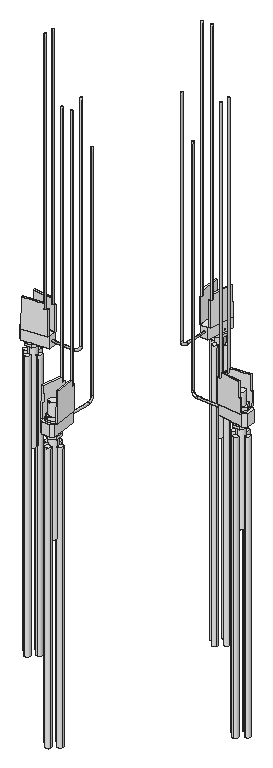
Revit family "91a1c922ce8a4756a1c3c73410385ab3", category Structural Connections, host Face, Revit 2021
Family settings
  Host = Face
  Material for Model Behavior = Other
  Enable cutting in views = No
  Cut with Voids When Loaded = Yes
  Shared = No
Parameters (values of type "HCC M52-2290S")
  l = 4' - 9.08661"
  h [instance] = Column Diameter * sin(45.00°)  # 4' - 7.6777"
  f = 0' - 9.44882"
  b [instance] = Column Diameter * sin(45.00°)  # 4' - 7.6777"
  a = 0' - 2.75591"
  X = 0' - 1.37795"
  Type Comments = "Mountingpart"
  T = 0' - 2.75591"
  Phi = 0' - 2.75591"
  L [instance] = 4' - 11.05512"
  K = 0' - 11.02362"
  E = 0' - 2.3622"
  Default Elevation = 0' - 0"
  D = 1' - 2.40945"
  Column Shoe Type = Column Shoe and Anchor Bolt : HCC M52-2290S
  Column Shoe Material [instance] = Metal - Steel - S235
  Column Diameter [instance] = 6' - 6.74016"
  C = 0' - 9.13386"
Types (10): name | l | h | f | b | a | X | T | Phi | K | D | Column Shoe Type | Column Diameter | C
  HCC 39-1450H | 2' - 11.43307" | 2' - 3.83885" | 0' - 6.49606" | 2' - 3.83885" | 0' - 1.9685" | 0' - 1.45669" | 0' - 1.77165" | 0' - 2.16535" | 0' - 7.67717" | 0' - 9.64567" | Column Shoe and Anchor Bolt : HCC 39-1450H | 3' - 3.37008" | 0' - 6.1811"
  HCC 39-1450S | 2' - 11.43307" | 4' - 7.6777" | 0' - 6.49606" | 4' - 7.6777" | 0' - 1.9685" | 0' - 1.45669" | 0' - 1.77165" | 0' - 2.16535" | 0' - 7.67717" | 0' - 9.64567" | Column Shoe and Anchor Bolt : HCC 39-1450S | 6' - 6.74016" | 0' - 6.1811"
  HCC M36-1650H | 3' - 3.37008" | 4' - 7.6777" | 0' - 6.49606" | 4' - 7.6777" | 0' - 2.16535" | 0' - 1.45669" | 0' - 1.9685" | 0' - 2.16535" | 0' - 7.67717" | 0' - 9.64567" | Column Shoe and Anchor Bolt : HCC M36-1650H | 6' - 6.74016" | 0' - 6.1811"
  HCC M36-1650S | 3' - 3.37008" | 4' - 7.6777" | 0' - 6.49606" | 4' - 7.6777" | 0' - 2.16535" | 0' - 1.45669" | 0' - 1.9685" | 0' - 2.16535" | 0' - 7.67717" | 0' - 9.64567" | Column Shoe and Anchor Bolt : HCC M36-1650S | 6' - 6.74016" | 0' - 6.1811"
  HCC M39-1650H | 3' - 3.37008" | 4' - 7.6777" | 0' - 7.28346" | 4' - 7.6777" | 0' - 2.16535" | 0' - 1.45669" | 0' - 2.16535" | 0' - 2.16535" | 0' - 8.22835" | 0' - 10.51181" | Column Shoe and Anchor Bolt : HCC M39-1650H | 6' - 6.74016" | 0' - 6.77165"
  HCC M39-1650S | 3' - 3.37008" | 4' - 7.6777" | 0' - 7.28346" | 4' - 7.6777" | 0' - 2.16535" | 0' - 1.45669" | 0' - 2.16535" | 0' - 2.16535" | 0' - 8.22835" | 0' - 10.51181" | Column Shoe and Anchor Bolt : HCC M39-1650S | 6' - 6.74016" | 0' - 6.77165"
  HCC M45-2070H | 4' - 9.48031" | 4' - 7.6777" | 0' - 7.67717" | 4' - 7.6777" | 0' - 2.55906" | 0' - 1.45669" | 0' - 2.3622" | 0' - 2.55906" | 0' - 9.68504" | 1' - 0.48031" | Column Shoe and Anchor Bolt : HCC M45-2070H | 6' - 6.74016" | 0' - 8.14961"
  HCC M45-2070S | 4' - 9.48031" | 4' - 7.6777" | 0' - 7.67717" | 4' - 7.6777" | 0' - 2.55906" | 0' - 1.45669" | 0' - 2.3622" | 0' - 2.55906" | 0' - 9.68504" | 1' - 0.48031" | Column Shoe and Anchor Bolt : HCC M45-2070S | 6' - 6.74016" | 0' - 8.14961"
  HCC M52-2290H | 4' - 9.08661" | 4' - 7.6777" | 0' - 9.44882" | 4' - 7.6777" | 0' - 2.75591" | 0' - 1.37795" | 0' - 2.75591" | 0' - 2.75591" | 0' - 11.02362" | 1' - 2.40945" | Column Shoe and Anchor Bolt : HCC M52-2290H | 6' - 6.74016" | 0' - 9.13386"
  HCC M52-2290S | 4' - 9.08661" | 4' - 7.6777" | 0' - 9.44882" | 4' - 7.6777" | 0' - 2.75591" | 0' - 1.37795" | 0' - 2.75591" | 0' - 2.75591" | 0' - 11.02362" | 1' - 2.40945" | Column Shoe and Anchor Bolt : HCC M52-2290S | 6' - 6.74016" | 0' - 9.13386"
Reference planes (in)
  plane 1 "Center (Front/Back)": y = 0
  plane 2: z = 0
  plane 3 "Center (Left/Right)": x = 0
  plane 4: y = 27.83885
  plane 5: y = -27.83885
  plane 6: x = -27.83885
  plane 7: x = 27.83885
Dimensions and locks (in)
  equal spacing: plane 4, plane 1 "Center (Front/Back)", plane 5
  "h": plane 4 to plane 5
  equal spacing: plane 6, plane 3 "Center (Left/Right)", plane 7
  "b": plane 6 to plane 7
  aligned and locked: plane 2 to host face
  aligned and locked: level to host face
  aligned and locked: nested 7 to plane 3 "Center (Left/Right)"
  aligned and locked: nested 7 to plane 5
  aligned and locked: nested 3 to plane 1 "Center (Front/Back)"
  aligned and locked: plane 6 to nested 3
  aligned and locked: plane 3 "Center (Left/Right)" to nested 1
  aligned and locked: nested 1 to plane 4
  aligned and locked: plane 1 "Center (Front/Back)" to nested 5
  aligned and locked: plane 7 to nested 5
Automatic sketch dimensions
  host sketch curve to host sketch curve = 8' - 0"  (x2)
Nested families (in)
  nested 1: "Column Shoe and Anchor Bolt" at (0, 13.62625, 0), type <- "Column Shoe Type", Column Shoe Material <- "Column Shoe Material", L <- "L", type "HCC M52-2290S"
    with L 4' - 11.05512", Column Shoe Material Metal - Steel - S235, Phi 0' - 2.75591", Semi Phi 0' - 1.37795", y2 0' - 6.45861", y1 0' - 0.69597", x3 0' - 1.82257", x2 0' - 3.34066", x1 0' - 1.94872", f 0' - 9.44882", a 0' - 2.75591", X 0' - 1.37795", l 4' - 9.08661", k1 0' - 10.7388", d 1' - 2.2126", T 0' - 2.75591", Real K 0' - 10.93565", e1 0' - 2.3663", K 0' - 11.02362", E 0' - 2.3622", D 1' - 2.40945", C 0' - 9.13386", B2 0' - 5.90551", B 0' - 7.08661"
  nested 2: "HAB M" at (0, 25.47255, 2.75591), type "HAB MS52"
    with l2 5' - 5.74803", l 6' - 3.19685", f1 0' - 3.93701", f 0' - 9.44882", r3 0' - 1.02362", r1 0' - 0.62992", d3 0' - 2.04724", d1 0' - 1.25984", a 0' - 2.75591", Washers Radius 0' - 1.65354", T 0' - 2.75591", Splice Length 1' - 8.47244", O2 0' - 2.86402", O1 0' - 0.82677", Phi 0' - 2.75591", Offset1 0' - 1.65354", Nut Width 0' - 2.86402", Cap no, Cap Radius 0' - 1.13386", 4 Fold with Cap no
  nested 3: "Column Shoe and Anchor Bolt" at (-13.62625, 0, 0) x (0, 1, 0) z (0, 0, 1), type <- "Column Shoe Type", Column Shoe Material <- "Column Shoe Material", L <- "L", type "HCC M52-2290S"
    with L 4' - 11.05512", Column Shoe Material Metal - Steel - S235, Phi 0' - 2.75591", Semi Phi 0' - 1.37795", y2 0' - 6.45861", y1 0' - 0.69597", x3 0' - 1.82257", x2 0' - 3.34066", x1 0' - 1.94872", f 0' - 9.44882", a 0' - 2.75591", X 0' - 1.37795", l 4' - 9.08661", k1 0' - 10.7388", d 1' - 2.2126", T 0' - 2.75591", Real K 0' - 10.93565", e1 0' - 2.3663", K 0' - 11.02362", E 0' - 2.3622", D 1' - 2.40945", C 0' - 9.13386", B2 0' - 5.90551", B 0' - 7.08661"
  nested 4: "HAB M" at (-25.47255, 0, 2.75591) x (0, 1, 0) z (0, 0, 1), type "HAB MS52"
    with l2 5' - 5.74803", l 6' - 3.19685", f1 0' - 3.93701", f 0' - 9.44882", r3 0' - 1.02362", r1 0' - 0.62992", d3 0' - 2.04724", d1 0' - 1.25984", a 0' - 2.75591", Washers Radius 0' - 1.65354", T 0' - 2.75591", Splice Length 1' - 8.47244", O2 0' - 2.86402", O1 0' - 0.82677", Phi 0' - 2.75591", Offset1 0' - 1.65354", Nut Width 0' - 2.86402", Cap no, Cap Radius 0' - 1.13386", 4 Fold with Cap no
  nested 5: "Column Shoe and Anchor Bolt" at (13.62625, 0, 0) x (0, -1, 0) z (0, 0, 1), type <- "Column Shoe Type", Column Shoe Material <- "Column Shoe Material", L <- "L", type "HCC M52-2290S"
    with L 4' - 11.05512", Column Shoe Material Metal - Steel - S235, Phi 0' - 2.75591", Semi Phi 0' - 1.37795", y2 0' - 6.45861", y1 0' - 0.69597", x3 0' - 1.82257", x2 0' - 3.34066", x1 0' - 1.94872", f 0' - 9.44882", a 0' - 2.75591", X 0' - 1.37795", l 4' - 9.08661", k1 0' - 10.7388", d 1' - 2.2126", T 0' - 2.75591", Real K 0' - 10.93565", e1 0' - 2.3663", K 0' - 11.02362", E 0' - 2.3622", D 1' - 2.40945", C 0' - 9.13386", B2 0' - 5.90551", B 0' - 7.08661"
  nested 6: "HAB M" at (25.47255, 0, 2.75591) x (0, -1, 0) z (0, 0, 1), type "HAB MS52"
    with l2 5' - 5.74803", l 6' - 3.19685", f1 0' - 3.93701", f 0' - 9.44882", r3 0' - 1.02362", r1 0' - 0.62992", d3 0' - 2.04724", d1 0' - 1.25984", a 0' - 2.75591", Washers Radius 0' - 1.65354", T 0' - 2.75591", Splice Length 1' - 8.47244", O2 0' - 2.86402", O1 0' - 0.82677", Phi 0' - 2.75591", Offset1 0' - 1.65354", Nut Width 0' - 2.86402", Cap no, Cap Radius 0' - 1.13386", 4 Fold with Cap no
  nested 7: "Column Shoe and Anchor Bolt" at (0, -13.62625, 0) x (-1, 0, 0) z (0, 0, 1), type <- "Column Shoe Type", Column Shoe Material <- "Column Shoe Material", L <- "L", type "HCC M52-2290S"
    with L 4' - 11.05512", Column Shoe Material Metal - Steel - S235, Phi 0' - 2.75591", Semi Phi 0' - 1.37795", y2 0' - 6.45861", y1 0' - 0.69597", x3 0' - 1.82257", x2 0' - 3.34066", x1 0' - 1.94872", f 0' - 9.44882", a 0' - 2.75591", X 0' - 1.37795", l 4' - 9.08661", k1 0' - 10.7388", d 1' - 2.2126", T 0' - 2.75591", Real K 0' - 10.93565", e1 0' - 2.3663", K 0' - 11.02362", E 0' - 2.3622", D 1' - 2.40945", C 0' - 9.13386", B2 0' - 5.90551", B 0' - 7.08661"
  nested 8: "HAB M" at (0, -25.47255, 2.75591) x (-1, 0, 0) z (0, 0, 1), type "HAB MS52"
    with l2 5' - 5.74803", l 6' - 3.19685", f1 0' - 3.93701", f 0' - 9.44882", r3 0' - 1.02362", r1 0' - 0.62992", d3 0' - 2.04724", d1 0' - 1.25984", a 0' - 2.75591", Washers Radius 0' - 1.65354", T 0' - 2.75591", Splice Length 1' - 8.47244", O2 0' - 2.86402", O1 0' - 0.82677", Phi 0' - 2.75591", Offset1 0' - 1.65354", Nut Width 0' - 2.86402", Cap no, Cap Radius 0' - 1.13386", 4 Fold with Cap no
Definition of nested family "Column Shoe and Anchor Bolt"
  Parameters
    Type Comments = "Mountingpart"
    Phi = 0' - 1.06299"
    Semi Phi = 0.5 * Phi  # 0' - 0.5315"
    y2 = C * sin(45.00°)  # 0' - 2.44982"
    y1 = (E - X) * sin(45.00°)  # 0' - 0.55678"
    x3 = E * (2 * sin(45.00°) - C / d)  # 0' - 1.46153"
    x2 = 2 * E * sin(45.00°)  # 0' - 2.78388"
    x1 = 2 * X * sin(45.00°)  # 0' - 1.67033"
    t1 = 0' - 0.3937"
    f = 0' - 4.13386"
    a = 0' - 1.9685"
    X = 0' - 1.1811"
    l = 0' - 11.81102"
    k1 = d * sin(45.00°) + 0.5 * X  # 0' - 4.23744"
    d = D - R1  # 0' - 5.15748"
    T = 0' - 0.59055"
    O3 = 0' - 0.59055"
    O4 = 0' - 0.7874"
    O2 = 0' - 0.19685"
    O1 = 0' - 0.3937"
    L [instance] = 4' - 11.05512"
    Real K = R1 + k1  # 0' - 4.43429"
    e1 = (2 * E - X) * sin(45.00°)  # 0' - 1.94872"
    K = 0' - 4.40945"
    E = 0' - 1.9685"
    Default Elevation = 0' - 0"
    Semi dbr = 7 * R2  # 0' - 1.37795"
    D = 0' - 5.35433"
    Column Shoe Material [instance] = none
    C = 0' - 3.46457"
    R2 = 0' - 0.19685"
    R1 = 0' - 0.19685"
    Bolt Type = HAB : HAB H16
    B2 = B - 0' 1.1811"  # 0' - 2.16535"
    B = 0' - 3.34646"
  Reference planes (in)
    plane 1 "Center (Front/Back)": y = 0
    plane 2: z = 0
    plane 3 "Center (Left/Right)": x = 0
    plane 4: z = 0.59055
    plane 5: z = 0.29528
    plane 6: z = 11.81102
    plane 7: z = 3.93701
    plane 8: z = 2.75591
    plane 9: y = 5.15748
    plane 10: x = -1.39194
    plane 11: x = 1.39194
    plane 12: y = 4.6007
    plane 13: y = 2.15088
    plane 14: x = -0.83517
    plane 15: x = 0.83517
    plane 16: x = -0.73077
    plane 17: x = 0.73077
    plane 18: y = 3.20876
    plane 19: y = 2.93829
    plane 20: z = 62.99213
  Forms (in)
    Extrusion 1, solid
      sketch origin (0, 0, 0) x (1, 0, 0) y (0, 1, 0)
        loop
          line (-48, 48) -> (-48, -48) -> (48, -48) -> (48, 48) -> (-48, 48)
      from 0 to -12
    Sweep 2, solid, material <- "Column Shoe Material"
      path in 3D
        loop
          line (0, 0, 11.81102) -> (0, 0, 1.67323)
          arc (0, 0, 1.67323) -> (0, 0.40359, 0.69887) -> (0, 1.37795, 0.29528) r 1.37795
          line (0, 1.37795, 0.29528) -> (0, 2.81506, 0.29528)
      profile origin (0, 0.40359, 0.69887) x (0, 0.707107, 0.707107) y (1, 0, 0)
        loop
          circle (0, 0) r 0.19685
    Extrusion 3, void
      sketch origin (-0.03635, 4.65317, 0) x (1, 0, 0) y (0, 1, 0)
        loop
          circle (0.03635, -1.44441) r 0.5315
      from 0 to 3.93701
    Blend 4, solid, material <- "Column Shoe Material"
      base sketch origin (-0.18342, 0.17505, 0) x (-1, 0, 0) y (0, -1, 0)
        loop
          line (-1.47277, -4.04555) -> (-0.96547, -2.16589) -> (-1.34557, -2.0633) -> (-1.85287, -3.94297) -> (-1.47277, -4.04555)
      top sketch origin (-0.18342, 0.17505, 0) x (-1, 0, 0) y (0, -1, 0)
        loop
          line (-1.42148, -3.8555) -> (-0.96547, -2.16589) -> (-1.34557, -2.0633) -> (-1.80158, -3.75292) -> (-1.42148, -3.8555)
      from 0.59055 to 3.93701
    Extrusion 5, solid, material <- "Column Shoe Material"
      sketch origin (1.96539, -0.28862, 0) x (1, 0, 0) y (0, 1, 0)
        loop
          circle (-3.11256, 3.22691) r 0.19685
        loop
          circle (-0.81822, 3.22691) r 0.19685
      from 2.75591 to 62.99213
    Extrusion 6, void
      sketch origin (0, -1.92772, 0) x (0, -1, 0) y (0, 0, 1)
        loop
          line (-4.07861, 3.93701) -> (-4.86601, 3.93701) -> (-4.86601, 2.75591) -> (-4.07861, 2.75591) -> (-4.07861, 3.93701)
      from -1.39194 to 1.39194
    Extrusion 7, solid, material <- "Column Shoe Material"
      sketch origin (0, 0, 0) x (1, 0, 0) y (0, 1, 0)
        loop
          line (0.83517, 5.15748) -> (-0.83517, 5.15748) -> (-1.39194, 4.6007) -> (-0.73077, 2.15088) -> (0.73077, 2.15088) -> (1.39194, 4.6007) -> (0.83517, 5.15748)
        loop
          circle (0, 3.20876) r 0.5315
      from 0 to 0.59055
    Blend 8, solid, material <- "Column Shoe Material"
      base sketch origin (0.18342, 0.17505, 0) x (1, 0, 0) y (0, 1, 0)
        loop
          line (-1.47277, 4.04555) -> (-1.85287, 3.94297) -> (-1.34557, 2.0633) -> (-0.96547, 2.16589) -> (-1.47277, 4.04555)
      top sketch origin (0.18342, 0.17505, 0) x (1, 0, 0) y (0, 1, 0)
        loop
          line (-1.42148, 3.8555) -> (-1.80158, 3.75292) -> (-1.34557, 2.0633) -> (-0.96547, 2.16589) -> (-1.42148, 3.8555)
      from 0.59055 to 3.93701
  Cuts and joins
    Extrusion 3, Extrusion 6 cuts Sweep 2
    joined: Sweep 2, Extrusion 7
    Extrusion 6 cuts Blend 4
    Extrusion 6 cuts Blend 8
  Lines and regions (in)
    reference lines
      curve 1: line (0, 3.24836, 0.29528) -> (0, 1.37795, 0.29528)
      curve 2: line (0, 0, 1.67323) -> (0, 0, 11.81102)
      curve 3: arc (0, 0, 1.67323) -> (0, 0.40359, 0.69887) -> (0, 1.37795, 0.29528) r 1.37795
      curve 7: line (0.73077, 2.15088, 0) -> (1.39194, 4.6007, 0)
      curve 8: line (-0.73077, 2.15088, 0) -> (-1.39194, 4.6007, 0)
    sketch lines
      curve 4: arc (0, 0, 1.67323) -> (0, 0.40359, 0.69887) -> (0, 1.37795, 0.29528) r 1.37795
      curve 5: line (0, 2.81506, 0.29528) -> (0, 1.37795, 0.29528)
      curve 6: line (0, 0, 1.67323) -> (0, 0, 11.81102)
  Dimensions and locks (in)
    "T": plane 4 to level
    "l": plane 6 to plane 2
    equal spacing: plane 4, plane 5, plane 2
    "B": plane 7 to plane 4
    "B2": plane 4 to plane 8
    equal spacing: plane 16, plane 3 "Center (Left/Right)", plane 17
    equal spacing: plane 14, plane 3 "Center (Left/Right)", plane 15
    equal spacing: plane 10, plane 3 "Center (Left/Right)", plane 11
    "x2": plane 10 to plane 11
    "x1": plane 14 to plane 15
    "x3": plane 16 to plane 17
    "y1": plane 9 to plane 12
    "y2": plane 12 to plane 13
    "d": plane 9 to plane 1 "Center (Front/Back)"
    "e1": plane 9 to plane 18
    "t1": Blend 4 sketch curve to Blend 4 sketch curve  (x2)
    "O2": Extrusion 7 to Blend 4 sketch curve
    "O1": Blend 4 sketch curve to curve 7
    "O2": curve 7 to Blend 4 sketch curve
    "O4": plane 13 to plane 19
    equal spacing: cut or joined group of Blend 4, Extrusion 6, Extrusion 5 sketch curve, Extrusion 7
    "O3": Blend 4 sketch curve to curve 7
    "t1": Blend 8 sketch curve to Blend 8 sketch curve  (x2)
    "O1": curve 8 to Blend 8 sketch curve
    "O2": Blend 8 sketch curve to curve 8  (x2)
    "O3": curve 8 to Blend 8 sketch curve
    equal spacing: Blend 8, Extrusion 5 sketch curve, Blend 8
    "L": plane 20 to plane 7
    "Semi dbr": radius of curve 3
    "R1": radius of Sweep 2 sketch curve
    "R2": radius of Extrusion 5 sketch curve  (x2)
    "Semi Phi": radius of Extrusion 7 sketch curve
    locked: Extrusion 7 to Blend 4 sketch curve (angle 90.00°)
    aligned and locked: plane 2 to Extrusion 1
    aligned and locked: level to Extrusion 1
    aligned and locked: curve 1 to plane 5
    aligned and locked: plane 1 "Center (Front/Back)" to curve 2
    aligned and locked: plane 6 to curve 2
    aligned and locked: Extrusion 3 to Extrusion 1
    aligned and locked: Blend 4 to plane 4
    aligned and locked: plane 8 to Extrusion 5
    aligned and locked: Extrusion 6 sketch curve to Blend 4
    aligned and locked: Extrusion 3 sketch curve to Extrusion 7
    aligned and locked: plane 4 to Extrusion 7
    aligned and locked: Extrusion 7 sketch curve to plane 9
    aligned and locked: plane 3 "Center (Left/Right)" to Extrusion 7 sketch curve
    aligned and locked: plane 12 to Extrusion 7 sketch curve  (x2)
    aligned and locked: plane 18 to Extrusion 7 sketch curve
    aligned and locked: plane 15 to Extrusion 7 sketch curve
    aligned and locked: plane 9 to Extrusion 7 sketch curve
    aligned and locked: plane 13 to Extrusion 7 sketch curve
    aligned and locked: plane 17 to Extrusion 7 sketch curve
    aligned and locked: plane 14 to Extrusion 7 sketch curve
    aligned and locked: plane 10 to Extrusion 7 sketch curve
    aligned and locked: plane 16 to Extrusion 7 sketch curve
    aligned and locked: plane 12 to curve 7
    aligned and locked: plane 11 to curve 7
    aligned and locked: plane 17 to curve 7
    aligned and locked: plane 13 to curve 7
    aligned and locked: plane 12 to curve 8
    aligned and locked: plane 10 to curve 8
    aligned and locked: plane 16 to curve 8
    aligned and locked: plane 13 to curve 8
    aligned and locked: Blend 4 sketch curve to curve 7
    aligned and locked: var sketch to Blend 4 sketch curve
    aligned and locked: plane 19 to Extrusion 5 sketch curve  (x2)
    aligned and locked: var sketch to Blend 8 sketch curve
    aligned and locked: Extrusion 7 to Blend 8 sketch curve
    aligned and locked: Extrusion 6 to plane 19
    aligned and locked: Extrusion 6 to Extrusion 7
    aligned and locked: plane 7 to Extrusion 3
    aligned and locked: plane 7 to Blend 4
    aligned and locked: plane 7 to Blend 8
    aligned and locked: Blend 8 to plane 4
    aligned and locked: plane 20 to Extrusion 5
    aligned and locked: Extrusion 6 to plane 11
    aligned and locked: Extrusion 6 to plane 10
    aligned and locked: plane 3 "Center (Left/Right)" to nested 1
    aligned and locked: nested 1 to plane 18
  Automatic sketch dimensions
    Extrusion 1 sketch curve to Extrusion 1 sketch curve = 8' - 0"  (x2)
    plane 18 to curve 1 = 0' - 0.03959"
    Sweep 2 sketch curve to profile plane = 0' - 0"  (x2)
    plane 8 to Extrusion 6 sketch curve = 0' - 0"
    Extrusion 6 sketch curve to plane 13 = 0' - 0.7874"
    Extrusion 6 sketch curve to plane 1 "Center (Front/Back)" = 0' - 2.15088"
    Extrusion 7 sketch curve to plane 11 = 0' - 0"
  Nested families (in)
    nested 1: "HAB" at (0, 3.20876, 0.59055), type <- "Bolt Type", type "HAB H16"
      with Anchor Bolt Material none, l2 0' - 6.88976", l 0' - 11.02362", f1 0' - 1.5748", f 0' - 4.13386", r3 0' - 0.31496", r1 0' - 0.31496", d3 0' - 0.62992", d1 0' - 0.62992", Washers Radius 0' - 0.6378", T 0' - 0.59055", Phi 0' - 1.06299", Nut Width 0' - 1.10469", Cap Radius 0' - 0.56693"
  Definition of nested family "HAB"
    Parameters
      l2 = 0' - 9.25197"
      l = 1' - 1.77953"
      f1 = f - a - T  # 0' - 1.77165"
      f = 0' - 4.52756"
      r3 = 0.5 * d3  # 0' - 0.3937"
      r1 = 0.5 * d1  # 0' - 0.3937"
      d3 = 0' - 0.7874"
      d1 = 0' - 0.7874"
      a = 0' - 1.9685"
      Washers Thickness = 0' - 0.19685"
      Washers Radius = 0.5 * Phi * 1.2  # 0' - 0.70866"
      Type Comments = "Mountingpart"
      T = 0' - 0.7874"
      Phi = 0' - 1.1811"
      Nut Width = 2 * Washers Radius * cos(30.00°)  # 0' - 1.22744"
      Nut Thickness = 0' - 0.7874"
      Cap = yes
      Anchor Bolt Material [instance] = none
      Default Elevation = 0' - 0"
      Cap Thickness = Nut Thickness  # 0' - 0.7874"
      Cap Radius = d1 * 0.9  # 0' - 0.70866"
    Reference planes (in)
      plane 1 "Center (Front/Back)": y = 0
      plane 2: z = 0
      plane 3 "Center (Left/Right)": x = 0
      plane 4: z = 0.19685
      plane 5: z = -0.7874
      plane 6: z = -0.98425
      plane 7: z = 0.98425
      plane 8: z = -1.77165
      plane 9: y = 0.35433
      plane 10: y = -0.35433
      plane 11: y = 0.70866
      plane 12: y = -0.70866
      plane 13: z = 1.77165
      plane 14: z = -12.00787
      plane 15: z = -11.22047
      plane 16: z = -2.75591
      plane 17: z = -11.61417
      plane 18: x = -0.61372
      plane 19: x = 0.61372
    Forms (in)
      Extrusion 1, solid
        sketch origin (0, 0, 0) x (1, 0, 0) y (0, 1, 0)
          loop
            line (-48, 48) -> (-48, -48) -> (48, -48) -> (48, 48) -> (-48, 48)
        from 0 to -6.78513
      Extrusion 2, solid, material <- "Anchor Bolt Material"
        sketch origin (0, 0, 0) x (1, 0, 0) y (0, 1, 0)
          loop
            circle (0, 0) r 0.3937
        from -2.75591 to 1.77165
      Extrusion 3, solid, material <- "Anchor Bolt Material"
        sketch origin (0, 0, 0) x (1, 0, 0) y (0, 1, 0)
          loop
            circle (0, 0) r 0.70866
        from 0 to 0.19685
      Extrusion 4, solid, material <- "Anchor Bolt Material"
        sketch origin (0, 0, -14.37008) x (1, 0, 0) y (0, 1, 0)
          loop
            circle (0, 0) r 0.70866
        from 13.38583 to 13.58268
      Extrusion 5, solid, material <- "Anchor Bolt Material"
        sketch origin (0, 0, 0) x (1, 0, 0) y (0, 1, 0)
          loop
            line (0, 0.70866) -> (-0.61372, 0.35433) -> (-0.61372, -0.35433) -> (0, -0.70866) -> (0.61372, -0.35433) -> (0.61372, 0.35433) -> (0, 0.70866)
        from 0.19685 to 0.98425
      Extrusion 6, solid, material <- "Anchor Bolt Material"
        sketch origin (0, 0, -15.74803) x (1, 0, 0) y (0, 1, 0)
          loop
            line (-0.61372, 0.35433) -> (-0.61372, -0.35433) -> (0, -0.70866) -> (0.61372, -0.35433) -> (0.61372, 0.35433) -> (0, 0.70866) -> (-0.61372, 0.35433)
        from 13.97638 to 14.76378
      Extrusion 7, solid, material <- "Anchor Bolt Material"
        sketch origin (0, 0, -2.96548) x (1, 0, 0) y (0, 1, 0)
          loop
            circle (0, 0) r 0.3937
        from -9.04239 to 0.20957
      Blend 8, solid, material <- "Anchor Bolt Material", visible <- "Cap"
        base sketch origin (-1.67336, -180, -11.22047) x (-1, 0, 0) y (0, -1, 0)
          loop
            circle (-1.67336, -180) r 0.3937
        top sketch origin (-1.67336, -180, -11.22047) x (-1, 0, 0) y (0, -1, 0)
          loop
            circle (-1.67336, -180) r 0.70866
        from 0 to -0.3937
      Extrusion 9, solid, material <- "Anchor Bolt Material", visible <- "Cap"
        sketch origin (-1.41732, -180, -12.00787) x (-1, 0, 0) y (0, -1, 0)
          loop
            circle (-1.41732, -180) r 0.70866
        from 0 to 0.3937
    Cuts and joins
      joined: Extrusion 2, Extrusion 3, Extrusion 4, Extrusion 5, Extrusion 6, Extrusion 7
      joined: Blend 8, Extrusion 9
    Dimensions and locks (in)
      "T": plane 2 to plane 5
      "Washers Thickness": plane 5 to plane 6
      "Washers Thickness": plane 4 to level
      "Nut Thickness": plane 7 to plane 4
      "Nut Thickness": plane 6 to plane 8
      "Washers Radius": plane 1 "Center (Front/Back)" to plane 11
      "Washers Radius": plane 12 to plane 1 "Center (Front/Back)"
      equal spacing: plane 9, plane 1 "Center (Front/Back)", plane 10
      "Washers Radius": plane 9 to plane 10
      "l": plane 13 to plane 14
      "Cap Thickness": plane 15 to plane 14
      "l2": plane 16 to plane 14
      "f1": plane 13 to plane 2
      equal spacing: plane 15, plane 17, plane 14
      equal spacing: plane 18, plane 3 "Center (Left/Right)", plane 19
      "Nut Width": plane 18 to plane 19
      "r3": radius of Extrusion 2 sketch curve
      "Washers Radius": radius of Extrusion 3 sketch curve
      "Washers Radius": radius of Extrusion 4 sketch curve
      "r1": radius of Extrusion 7 sketch curve
      "r1": radius of Blend 8 sketch curve
      "Cap Radius": radius of Blend 8 sketch curve
      "Cap Radius": radius of Extrusion 9 sketch curve
      aligned and locked: plane 2 to Extrusion 1
      aligned and locked: level to Extrusion 1
      aligned and locked: plane 1 "Center (Front/Back)" to Extrusion 2 sketch curve
      aligned and locked: plane 3 "Center (Left/Right)" to Extrusion 2 sketch curve
      aligned and locked: plane 1 "Center (Front/Back)" to Extrusion 3 sketch curve
      aligned and locked: plane 3 "Center (Left/Right)" to Extrusion 3 sketch curve
      aligned and locked: plane 4 to Extrusion 3
      aligned and locked: Extrusion 3 to level
      aligned and locked: plane 5 to Extrusion 4
      aligned and locked: Extrusion 4 to plane 6
      aligned and locked: plane 1 "Center (Front/Back)" to Extrusion 4 sketch curve
      aligned and locked: plane 3 "Center (Left/Right)" to Extrusion 4 sketch curve
      aligned and locked: plane 7 to Extrusion 5
      aligned and locked: Extrusion 5 to plane 4
      aligned and locked: plane 11 to Extrusion 5 sketch curve
      aligned and locked: plane 3 "Center (Left/Right)" to Extrusion 5 sketch curve  (x2)
      aligned and locked: plane 12 to Extrusion 5 sketch curve
      aligned and locked: plane 10 to Extrusion 5 sketch curve  (x2)
      aligned and locked: plane 6 to Extrusion 6
      aligned and locked: Extrusion 6 to plane 8
      aligned and locked: plane 13 to Extrusion 2
      aligned: Extrusion 2 to plane 14
      aligned and locked: plane 10 to Extrusion 6 sketch curve  (x2)
      aligned and locked: Extrusion 2 to plane 16
      aligned: Extrusion 7 to plane 15
      aligned and locked: plane 1 "Center (Front/Back)" to Blend 8 sketch curve  (x2)
      aligned and locked: plane 3 "Center (Left/Right)" to Blend 8 sketch curve  (x2)
      aligned and locked: Blend 8 to plane 17
      aligned and locked: plane 15 to Blend 8
      aligned and locked: plane 1 "Center (Front/Back)" to Extrusion 9 sketch curve
      aligned and locked: plane 3 "Center (Left/Right)" to Extrusion 9 sketch curve
      aligned and locked: plane 17 to Extrusion 9
      aligned and locked: plane 18 to Extrusion 5 sketch curve
      aligned and locked: Extrusion 5 sketch curve to plane 19
      aligned and locked: plane 9 to Extrusion 5 sketch curve  (x2)
      aligned and locked: plane 19 to Extrusion 6 sketch curve
      aligned and locked: plane 18 to Extrusion 6 sketch curve
      aligned and locked: plane 9 to Extrusion 6 sketch curve  (x2)
      aligned and locked: plane 11 to Extrusion 6 sketch curve
      aligned and locked: plane 3 "Center (Left/Right)" to Extrusion 6 sketch curve  (x2)
      aligned and locked: plane 12 to Extrusion 6 sketch curve
      aligned and locked: Extrusion 7 to plane 14
      aligned and locked: plane 16 to Extrusion 7
    Automatic sketch dimensions
      Extrusion 1 sketch curve to Extrusion 1 sketch curve = 8' - 0"  (x2)
      plane 1 "Center (Front/Back)" to Extrusion 7 sketch curve = 0' - 0"
      Extrusion 7 sketch curve to plane 3 "Center (Left/Right)" = 0' - 0"
Definition of nested family "HAB M"
  Parameters
    l2 = 1' - 10.6378"
    l = 2' - 5.72441"
    f1 = f - a - T  # 0' - 2.75591"
    f = 0' - 6.49606"
    r3 = 0.5 * d3  # 0' - 0.70866"
    r1 = 0.5 * d1  # 0' - 0.3937"
    d3 = 0' - 1.41732"
    d1 = 0' - 0.7874"
    a = 0' - 1.9685"
    Washers Thickness = 0' - 0.19685"
    Washers Radius = 0.5 * Phi * 1.2  # 0' - 1.06299"
    Type Comments = "Mountingpart"
    T = 0' - 1.77165"
    Splice Length = 10 * d3  # 1' - 2.17323"
    O2 = 2 * Offset1 * (sin(60.00°))  # 0' - 1.90935"
    O1 = 0.5 * Offset1  # 0' - 0.55118"
    Phi = 0' - 1.77165"
    Offset1 = r1 + r3  # 0' - 1.10236"
    Nut Width = 2 * Washers Radius * cos(30.00°)  # 0' - 1.84116"
    Nut Thickness = 0' - 0.7874"
    Cap = yes
    Anchor Bolt Material [instance] = none
    Default Elevation = 0' - 0"
    Cap Thickness = Nut Thickness  # 0' - 0.7874"
    Cap Radius = 0.9 * d1  # 0' - 0.70866"
    4 Fold with Cap = and(Cap, [4 Fold])  # yes
    4 Fold = yes
    3 Fold With Cap = and(Cap, [3 Fold])  # no
    3 Fold = no
  Reference planes (in)
    plane 1 "Center (Front/Back)": y = 0
    plane 2: z = 0
    plane 3 "Center (Left/Right)": x = 0
    plane 4: z = 0.19685
    plane 5: z = -1.77165
    plane 6: z = -1.9685
    plane 7: z = 0.98425
    plane 8: z = -2.75591
    plane 9: y = 0.5315
    plane 10: y = -0.5315
    plane 11: y = 1.06299
    plane 12: y = -1.06299
    plane 13: z = 2.75591
    plane 14: z = -26.9685
    plane 15: z = -26.1811
    plane 16: z = -4.33071
    plane 17: z = -26.5748
    plane 18: x = -0.92058
    plane 19: x = 0.92058
    plane 20: z = -18.50394
    plane 21: y = -0.55118
    plane 22: x = -0.95467
    plane 23: x = 0.95467
  Forms (in)
    Extrusion 1, solid
      sketch origin (0, 0, 0) x (1, 0, 0) y (0, 1, 0)
        loop
          line (-48, 48) -> (-48, -48) -> (48, -48) -> (48, 48) -> (-48, 48)
      from 0 to -6.78513
    Extrusion 2, solid, material <- "Anchor Bolt Material"
      sketch origin (0, 0, 0) x (1, 0, 0) y (0, 1, 0)
        loop
          circle (0, 0) r 0.70866
      from -18.50394 to 2.75591
    Extrusion 3, solid, material <- "Anchor Bolt Material"
      sketch origin (0, 0, 0) x (1, 0, 0) y (0, 1, 0)
        loop
          circle (0, 0) r 1.06299
      from 0 to 0.19685
    Extrusion 4, solid, material <- "Anchor Bolt Material"
      sketch origin (0, 0, -14.37008) x (1, 0, 0) y (0, 1, 0)
        loop
          circle (0, 0) r 1.06299
      from 12.40157 to 12.59843
    Extrusion 5, solid, material <- "Anchor Bolt Material"
      sketch origin (0, 0, 0) x (1, 0, 0) y (0, 1, 0)
        loop
          line (0, 1.06299) -> (-0.92058, 0.5315) -> (-0.92058, -0.5315) -> (0, -1.06299) -> (0.92058, -0.5315) -> (0.92058, 0.5315) -> (0, 1.06299)
      from 0.19685 to 0.98425
    Extrusion 6, solid, material <- "Anchor Bolt Material"
      sketch origin (0, 0, -15.74803) x (1, 0, 0) y (0, 1, 0)
        loop
          line (-0.92058, 0.5315) -> (-0.92058, -0.5315) -> (0, -1.06299) -> (0.92058, -0.5315) -> (0.92058, 0.5315) -> (0, 1.06299) -> (-0.92058, 0.5315)
      from 12.99213 to 13.77953
    Extrusion 7, solid, material <- "Anchor Bolt Material", visible <- "4 Fold"
      sketch origin (0, 0, -2.96548) x (1, 0, 0) y (0, 1, 0)
        loop
          circle (1.10236, 0) r 0.3937
        loop
          circle (-1.10236, 0) r 0.3937
        loop
          circle (0, -1.10236) r 0.3937
        loop
          circle (0, 1.10236) r 0.3937
      from -24.00302 to -1.36523
    Blend 8, solid, material <- "Anchor Bolt Material", visible <- "4 Fold with Cap"
      base sketch origin (0.03604, -179.10708, -26.1811) x (-1, 0, 0) y (0, -1, 0)
        loop
          circle (-1.06632, -179.10708) r 0.3937
      top sketch origin (0.03604, -179.10708, -26.1811) x (-1, 0, 0) y (0, -1, 0)
        loop
          circle (-1.06632, -179.10708) r 0.70866
      from 0 to -0.3937
    Extrusion 9, solid, material <- "Anchor Bolt Material", visible <- "4 Fold with Cap"
      sketch origin (-0.00577, -179.43868, -26.9685) x (-1, 0, 0) y (0, -1, 0)
        loop
          circle (-1.10813, -179.43868) r 0.70866
      from 0 to 0.3937
    Extrusion 10, solid, material <- "Anchor Bolt Material", visible <- "4 Fold with Cap"
      sketch origin (-1.13092, -178.31353, -26.9685) x (-1, 0, 0) y (0, -1, 0)
        loop
          circle (-1.13092, -179.41589) r 0.70866
      from 0 to 0.3937
    Blend 11, solid, material <- "Anchor Bolt Material", visible <- "4 Fold with Cap"
      base sketch origin (-1.08911, -180.23223, -26.1811) x (-1, 0, 0) y (0, -1, 0)
        loop
          circle (-1.08911, -179.12987) r 0.3937
      top sketch origin (-1.08911, -180.23223, -26.1811) x (-1, 0, 0) y (0, -1, 0)
        loop
          circle (-1.08911, -179.12987) r 0.70866
      from 0 to -0.3937
    Extrusion 12, solid, material <- "Anchor Bolt Material", visible <- "4 Fold with Cap"
      sketch origin (-1.13092, 178.31353, -26.9685) x (-1, 0, 0) y (0, -1, 0)
        loop
          circle (-1.13092, 179.41589) r 0.70866
      from 0 to 0.3937
    Extrusion 13, solid, material <- "Anchor Bolt Material", visible <- "4 Fold with Cap"
      sketch origin (0.00577, -179.43868, -26.9685) x (1, 0, 0) y (0, 1, 0)
        loop
          circle (-1.10813, 179.43868) r 0.70866
      from 0 to 0.3937
    Blend 14, solid, material <- "Anchor Bolt Material", visible <- "4 Fold with Cap"
      base sketch origin (-0.03604, -179.10708, -26.1811) x (1, 0, 0) y (0, 1, 0)
        loop
          circle (-1.06632, 179.10708) r 0.3937
      top sketch origin (-0.03604, -179.10708, -26.1811) x (1, 0, 0) y (0, 1, 0)
        loop
          circle (-1.06632, 179.10708) r 0.70866
      from 0 to -0.3937
    Extrusion 15, solid, material <- "Anchor Bolt Material", visible <- "3 Fold"
      sketch origin (0, 0, -2.96548) x (1, 0, 0) y (0, 1, 0)
        loop
          circle (0.95467, -0.55118) r 0.3937
        loop
          circle (-0.95467, -0.55118) r 0.3937
        loop
          circle (0, 1.10236) r 0.3937
      from -24.00302 to -1.36523
    Extrusion 16, solid, material <- "Anchor Bolt Material", visible <- "3 Fold With Cap"
      sketch origin (2.08559, -179.98986, -26.9685) x (1, 0, 0) y (0, 1, 0)
        loop
          circle (-1.13092, 179.43868) r 0.70866
      from 0 to 0.3937
    Blend 17, solid, material <- "Anchor Bolt Material", visible <- "3 Fold With Cap"
      base sketch origin (2.04379, -179.65826, -26.1811) x (1, 0, 0) y (0, 1, 0)
        loop
          circle (-1.08911, 179.10708) r 0.3937
      top sketch origin (2.04379, -179.65826, -26.1811) x (1, 0, 0) y (0, 1, 0)
        loop
          circle (-1.08911, 179.10708) r 0.70866
      from 0 to -0.3937
    Extrusion 18, solid, material <- "Anchor Bolt Material", visible <- "3 Fold With Cap"
      sketch origin (0.17625, -179.98986, -26.9685) x (1, 0, 0) y (0, 1, 0)
        loop
          circle (-1.13092, 179.43868) r 0.70866
      from 0 to 0.3937
    Blend 19, solid, material <- "Anchor Bolt Material", visible <- "3 Fold With Cap"
      base sketch origin (0.13444, -179.65826, -26.1811) x (1, 0, 0) y (0, 1, 0)
        loop
          circle (-1.08911, 179.10708) r 0.3937
      top sketch origin (0.13444, -179.65826, -26.1811) x (1, 0, 0) y (0, 1, 0)
        loop
          circle (-1.08911, 179.10708) r 0.70866
      from 0 to -0.3937
    Extrusion 20, solid, material <- "Anchor Bolt Material", visible <- "3 Fold With Cap"
      sketch origin (1.13092, -178.37817, -26.9685) x (1, 0, 0) y (0, 1, 0)
        loop
          circle (-1.13092, 179.48053) r 0.70866
      from 0 to 0.3937
    Blend 21, solid, material <- "Anchor Bolt Material", visible <- "3 Fold With Cap"
      base sketch origin (1.08911, -178.04657, -26.1811) x (1, 0, 0) y (0, 1, 0)
        loop
          circle (-1.08911, 179.14893) r 0.3937
      top sketch origin (1.08911, -178.04657, -26.1811) x (1, 0, 0) y (0, 1, 0)
        loop
          circle (-1.08911, 179.14893) r 0.70866
      from 0 to -0.3937
    Blend 22, solid, material <- "Anchor Bolt Material", visible <- "4 Fold with Cap"
      base sketch origin (1.08307, -178.04102, -26.1811) x (1, 0, 0) y (0, 1, 0)
        loop
          circle (-1.08307, 179.14338) r 0.3937
      top sketch origin (1.08307, -178.04102, -26.1811) x (1, 0, 0) y (0, 1, 0)
        loop
          circle (-1.08307, 179.14338) r 0.70866
      from 0 to -0.3937
  Cuts and joins
    joined: Extrusion 2, Extrusion 3, Extrusion 4, Extrusion 5, Extrusion 6
    joined: Blend 8, Extrusion 9
    joined: Blend 11, Extrusion 12
    joined: Extrusion 13, Blend 14
    joined: Extrusion 20, Blend 21
    joined: Extrusion 18, Blend 19
    joined: Extrusion 16, Blend 17
    joined: Extrusion 10, Blend 22
  Dimensions and locks (in)
    "T": plane 2 to plane 5
    "Washers Thickness": plane 5 to plane 6
    "Washers Thickness": plane 4 to level
    "Nut Thickness": plane 7 to plane 4
    "Nut Thickness": plane 6 to plane 8
    "Washers Radius": plane 1 "Center (Front/Back)" to plane 11
    "Washers Radius": plane 12 to plane 1 "Center (Front/Back)"
    equal spacing: plane 9, plane 1 "Center (Front/Back)", plane 10
    "Washers Radius": plane 9 to plane 10
    "l": plane 13 to plane 14
    "Cap Thickness": plane 15 to plane 14
    "l2": plane 16 to plane 14
    "f1": plane 13 to plane 2
    equal spacing: plane 15, plane 17, plane 14
    equal spacing: plane 18, plane 3 "Center (Left/Right)", plane 19
    "Nut Width": plane 18 to plane 19
    "Offset1": plane 3 "Center (Left/Right)" to Extrusion 7 sketch curve
    "Offset1": Extrusion 7 sketch curve to plane 3 "Center (Left/Right)"
    "Offset1": Extrusion 7 sketch curve to plane 1 "Center (Front/Back)"
    "Splice Length": plane 16 to plane 20
    "Offset1": plane 3 "Center (Left/Right)" to Blend 8 sketch curve  (x2)
    "Offset1": plane 1 "Center (Front/Back)" to Extrusion 7 sketch curve
    "Offset1": plane 3 "Center (Left/Right)" to Extrusion 9 sketch curve
    "Offset1": plane 1 "Center (Front/Back)" to Extrusion 10 sketch curve
    "Offset1": Blend 11 sketch curve to plane 1 "Center (Front/Back)"  (x2)
    "Offset1": Extrusion 12 sketch curve to plane 1 "Center (Front/Back)"
    "Offset1": Extrusion 13 sketch curve to plane 3 "Center (Left/Right)"
    "Offset1": Blend 14 sketch curve to plane 3 "Center (Left/Right)"  (x2)
    "Offset1": plane 1 "Center (Front/Back)" to Extrusion 15 sketch curve
    "O1": plane 1 "Center (Front/Back)" to plane 21
    equal spacing: plane 22, plane 3 "Center (Left/Right)", plane 23
    "O2": plane 22 to plane 23
    "Offset1": plane 1 "Center (Front/Back)" to Blend 21 sketch curve  (x2)
    "Offset1": plane 1 "Center (Front/Back)" to Extrusion 20 sketch curve
    "Offset1": plane 1 "Center (Front/Back)" to Blend 22 sketch curve  (x2)
    "r3": radius of Extrusion 2 sketch curve
    "Washers Radius": radius of Extrusion 3 sketch curve
    "Washers Radius": radius of Extrusion 4 sketch curve
    "r1": radius of Extrusion 7 sketch curve  (x4)
    "r1": radius of Blend 8 sketch curve
    "Cap Radius": radius of Blend 8 sketch curve
    "Cap Radius": radius of Extrusion 9 sketch curve
    "Cap Radius": radius of Extrusion 10 sketch curve
    "r1": radius of Blend 11 sketch curve
    "Cap Radius": radius of Blend 11 sketch curve
    "Cap Radius": radius of Extrusion 12 sketch curve
    "Cap Radius": radius of Extrusion 13 sketch curve
    "r1": radius of Blend 14 sketch curve
    "Cap Radius": radius of Blend 14 sketch curve
    "r1": radius of Extrusion 15 sketch curve  (x3)
    "Cap Radius": radius of Extrusion 16 sketch curve
    "r1": radius of Blend 17 sketch curve
    "Cap Radius": radius of Blend 17 sketch curve
    "Cap Radius": radius of Extrusion 18 sketch curve
    "r1": radius of Blend 19 sketch curve
    "Cap Radius": radius of Blend 19 sketch curve
    "Cap Radius": radius of Extrusion 20 sketch curve
    "r1": radius of Blend 21 sketch curve
    "Cap Radius": radius of Blend 21 sketch curve
    "r1": radius of Blend 22 sketch curve
    "Cap Radius": radius of Blend 22 sketch curve
    aligned and locked: plane 2 to Extrusion 1
    aligned and locked: level to Extrusion 1
    aligned and locked: plane 1 "Center (Front/Back)" to Extrusion 2 sketch curve
    aligned and locked: plane 3 "Center (Left/Right)" to Extrusion 2 sketch curve
    aligned and locked: plane 1 "Center (Front/Back)" to Extrusion 3 sketch curve
    aligned and locked: plane 3 "Center (Left/Right)" to Extrusion 3 sketch curve
    aligned and locked: plane 4 to Extrusion 3
    aligned and locked: Extrusion 3 to level
    aligned and locked: plane 5 to Extrusion 4
    aligned and locked: Extrusion 4 to plane 6
    aligned and locked: plane 1 "Center (Front/Back)" to Extrusion 4 sketch curve
    aligned and locked: plane 3 "Center (Left/Right)" to Extrusion 4 sketch curve
    aligned and locked: plane 7 to Extrusion 5
    aligned and locked: Extrusion 5 to plane 4
    aligned and locked: plane 11 to Extrusion 5 sketch curve
    aligned and locked: plane 3 "Center (Left/Right)" to Extrusion 5 sketch curve  (x2)
    aligned and locked: plane 12 to Extrusion 5 sketch curve
    aligned and locked: plane 10 to Extrusion 5 sketch curve  (x2)
    aligned and locked: plane 6 to Extrusion 6
    aligned and locked: Extrusion 6 to plane 8
    aligned and locked: plane 13 to Extrusion 2
    aligned: Extrusion 2 to plane 14
    aligned and locked: plane 10 to Extrusion 6 sketch curve  (x2)
    aligned: Extrusion 2 to plane 16
    aligned: Extrusion 7 to plane 15
    aligned: plane 1 "Center (Front/Back)" to Blend 8 sketch curve  (x2)
    aligned and locked: Blend 8 to plane 17
    aligned and locked: plane 15 to Blend 8
    aligned: plane 1 "Center (Front/Back)" to Extrusion 9 sketch curve
    aligned and locked: plane 17 to Extrusion 9
    aligned and locked: plane 18 to Extrusion 5 sketch curve
    aligned and locked: Extrusion 5 sketch curve to plane 19
    aligned and locked: plane 9 to Extrusion 5 sketch curve  (x2)
    aligned and locked: plane 19 to Extrusion 6 sketch curve
    aligned and locked: plane 18 to Extrusion 6 sketch curve
    aligned and locked: plane 9 to Extrusion 6 sketch curve  (x2)
    aligned and locked: plane 11 to Extrusion 6 sketch curve
    aligned and locked: plane 3 "Center (Left/Right)" to Extrusion 6 sketch curve  (x2)
    aligned and locked: plane 12 to Extrusion 6 sketch curve
    aligned and locked: Extrusion 7 to plane 14
    aligned and locked: plane 16 to Extrusion 7
    aligned and locked: plane 1 "Center (Front/Back)" to Extrusion 7 sketch curve  (x2)
    aligned and locked: plane 3 "Center (Left/Right)" to Extrusion 7 sketch curve  (x2)
    aligned and locked: cut or joined group of Extrusion 2, Extrusion 3, Extrusion 4, Extrusion 5, Extrusion 6 to plane 20
    aligned and locked: plane 1 "Center (Front/Back)" to Blend 8 sketch curve  (x2)
    aligned and locked: plane 1 "Center (Front/Back)" to Extrusion 9 sketch curve
    aligned and locked: plane 3 "Center (Left/Right)" to Extrusion 10 sketch curve
    aligned and locked: cut or joined group of Blend 8, Extrusion 9 to plane 14
    aligned and locked: plane 3 "Center (Left/Right)" to Blend 11 sketch curve  (x2)
    aligned and locked: Blend 11 to plane 17
    aligned and locked: plane 15 to Blend 11
    aligned and locked: plane 3 "Center (Left/Right)" to Extrusion 12 sketch curve
    aligned and locked: plane 1 "Center (Front/Back)" to Extrusion 13 sketch curve
    aligned and locked: plane 17 to Extrusion 13
    aligned and locked: Extrusion 13 to plane 14
    aligned and locked: plane 17 to cut or joined group of Blend 11, Extrusion 12
    aligned and locked: Extrusion 7 to cut or joined group of Blend 11, Extrusion 12
    aligned and locked: plane 1 "Center (Front/Back)" to Blend 14 sketch curve  (x2)
    aligned and locked: plane 15 to Blend 14
    aligned and locked: Blend 14 to plane 17
    aligned and locked: plane 3 "Center (Left/Right)" to Extrusion 15 sketch curve
    aligned and locked: plane 21 to Extrusion 15 sketch curve  (x2)
    aligned and locked: plane 22 to Extrusion 15 sketch curve
    aligned and locked: plane 23 to Extrusion 15 sketch curve
    aligned and locked: Extrusion 18 to plane 14
    aligned and locked: plane 17 to Extrusion 18
    aligned and locked: plane 15 to Blend 19
    aligned and locked: Blend 19 to plane 17
    aligned and locked: plane 17 to Extrusion 16
    aligned and locked: Extrusion 16 to plane 14
    aligned and locked: Blend 17 to plane 17
    aligned and locked: plane 15 to Blend 17
    aligned and locked: plane 15 to Blend 21
    aligned and locked: Extrusion 20 to plane 14
    aligned and locked: plane 17 to Extrusion 20
    aligned and locked: Blend 21 to plane 17
    aligned and locked: plane 3 "Center (Left/Right)" to Blend 21 sketch curve  (x2)
    aligned and locked: plane 3 "Center (Left/Right)" to Extrusion 20 sketch curve
    aligned and locked: plane 22 to Blend 19 sketch curve  (x2)
    aligned and locked: plane 21 to Blend 19 sketch curve  (x2)
    aligned and locked: plane 22 to Extrusion 18 sketch curve
    aligned and locked: plane 21 to Extrusion 18 sketch curve
    aligned and locked: plane 23 to Blend 17 sketch curve  (x2)
    aligned and locked: plane 21 to Blend 17 sketch curve  (x2)
    aligned and locked: plane 21 to Extrusion 16 sketch curve
    aligned and locked: plane 23 to Extrusion 16 sketch curve
    aligned and locked: plane 16 to Extrusion 15
    aligned and locked: Extrusion 15 to plane 14
    aligned and locked: plane 3 "Center (Left/Right)" to Blend 22 sketch curve  (x2)
    aligned and locked: plane 15 to Blend 22
    aligned and locked: Blend 22 to plane 17
  Automatic sketch dimensions
    Extrusion 1 sketch curve to Extrusion 1 sketch curve = 8' - 0"  (x2)
